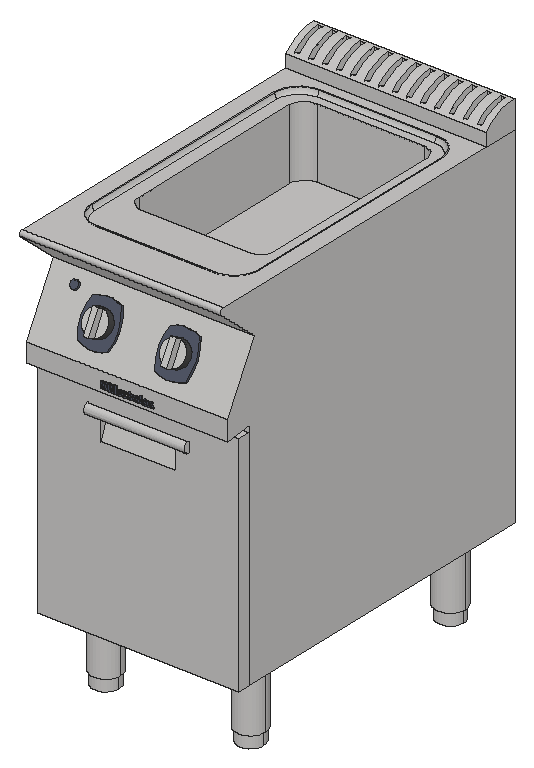
Revit family "QF_ELECTROLUXPROFESSIONAL_371352_E7OOBDBAMC", category Specialty Equipment, Revit 2018
Family settings
  Round Connector Dimension = Use Diameter
  Part Type = Normal
  Work Plane-Based = No
  Always vertical = Yes
  Cut with Voids When Loaded = No
  Shared = No
  Room Calculation Point = No
Parameters (values of type "Standard")
  Weight = 50.00 kg
  Watts = 0 W
  Volts = 380 V
  URL Manufacturer = "http://professional.electrolux.com"
  URL = "http://professional.electrolux.com"
  Steam Supply Size = 0"
  Steam Supply Minimum Pressure = 0.00 psi
  Steam Supply Maximum Pressure = 0.00 psi
  Steam Pounds per Hour = 0
  Show Logo [instance] = yes
  Show Clearance [instance] = yes
  Refrigeration Suction Line Size = 0 mm
  Refrigeration Liquid Line Size = 0 mm
  Refrigerant Compressor Remote = yes
  Phase = 3
  Model = "E7OOBDBAMC"
  Manufacturer = "Electrolux Professional"
  Length Actual = 400 mm  # constant formula
  Item Number = "371352"
  Hot Water Size = 0"
  Height Actual = 850 mm  # constant formula
  HP = "8 HP"
  Gas Size = 0"
  Gas KW = 0
  Gas Input Pressure = 0.0 Btu/h
  Direct Waste Size = 1"
  Description = "1-WELL EL. PASTA COOKER 24,5 LT 400MM (AUS)"
  Depth Actual = 730 mm  # constant formula
  Cycle = 50 Hz
  Condensate Return Size = 0"
  Compressed Air Volume = 0 GPM
  Compressed Air Size = 0"
  Compressed Air Pressure = 0.00 psi
  Cold Water Size = 1/2"
  Accessory = yes
Reference planes
  plane 1 "BACK": y = 0
  plane 2: z = 0
  plane 3 "LEFT": x = 0
  plane 4 "RIGHT": x = 400
  plane 5 "FRONT": y = -730
  plane 6 "TOP": z = 905.238
  plane 7 "Center Y": x = 200
  plane 8 "Center X": y = -365
  plane 9 "BASE": z = 601
  plane 10 "TOP A": z = 851
  plane 11: y = -587.387
  plane 12: y = -90
  plane 13: z = 150
Forms (mm)
  Extrusion 1, solid, material "QF_Finishes_Stainless Steel"
    sketch origin (0, 0, 0) x (0, 1, 0) y (0, 0, 1)
      loop
        line (0, 851) -> (-725.027, 851)
        arc (-725.027, 851) -> (-730.893, 847.08) -> (-729.517, 840.16) r 6.35
        line (-729.517, 840.16) -> (-646.919, 767.809) -> (-713.522, 646.19) -> (-713.522, 608.09) -> (-660.15, 613.7) -> (-660.15, 150) -> (0, 150) -> (0, 851)
      loop
        line (-687.137, 601) -> (-687.137, 150) -> (-661.737, 150) -> (-661.737, 601) -> (-687.137, 601)
    from 0 to 400
  Extrusion 2, void
    sketch origin (0, 0, 851) x (-1, 0, 0) y (0, -1, 0)
      loop
        arc (-83.338, 90.124) -> (-47.982, 104.769) -> (-33.338, 140.124) r 50
        line (-33.338, 140.124) -> (-33.338, 595.265)
        arc (-33.338, 595.265) -> (-47.982, 630.62) -> (-83.338, 645.265) r 50
        line (-83.338, 645.265) -> (-316.662, 645.265)
        arc (-316.662, 645.265) -> (-352.018, 630.62) -> (-366.662, 595.265) r 50
        line (-366.662, 595.265) -> (-366.662, 140.124)
        arc (-366.662, 140.124) -> (-352.018, 104.769) -> (-316.662, 90.124) r 50
        line (-316.662, 90.124) -> (-83.338, 90.124)
    from 0 to -152.4
  Extrusion 3, solid, material "QF_Finishes_Clearance", visible <- "Show Clearance", detail levels coarse
    sketch origin (0, 0, 0) x (1, 0, 0) y (0, 1, 0)
      loop
        line (0, -731.377) -> (0, 0) -> (400, 0) -> (400, -731.377) -> (550.019, -731.377) -> (550.019, 150.019) -> (-150.019, 150.019) -> (-150.019, -731.377) -> (0, -731.377)
    from 0 to 905.237
  Revolve 4, solid, material "QF_Finishes_Stainless Steel"
    sketch origin (0, -587.387, 608.09) x (0, 0, 1) y (-1, 0, 0)
      loop
        line (-608.09, -56) -> (-458.09, -56) -> (-458.09, -26) -> (-583.09, -26) -> (-583.09, -29.75) -> (-608.09, -29.75) -> (-608.09, -56)
      axis (-608.09, -56) -> (-458.09, -56)
    angle from 0 to 360
  Revolve 5, solid, material "QF_Finishes_Stainless Steel"
    sketch origin (400.05, -587.387, 608.09) x (0, 0, 1) y (-1, 0, 0)
      loop
        line (-608.09, 56.05) -> (-608.09, 29.8) -> (-583.09, 29.8) -> (-583.09, 26.05) -> (-458.09, 26.05) -> (-458.09, 56.05) -> (-608.09, 56.05)
      axis (-608.09, 56.05) -> (-458.09, 56.05)
    angle from 0 to 360
  Revolve 6, solid, material "QF_Finishes_Stainless Steel"
    sketch origin (0, -90, 608.09) x (0, 0, 1) y (-1, 0, 0)
      loop
        line (-608.09, -56) -> (-458.09, -56) -> (-458.09, -26) -> (-583.09, -26) -> (-583.09, -29.75) -> (-608.09, -29.75) -> (-608.09, -56)
      axis (-608.09, -56) -> (-458.09, -56)
    angle from 0 to 360
  Revolve 7, solid, material "QF_Finishes_Stainless Steel"
    sketch origin (400.05, -90, 608.09) x (0, 0, 1) y (-1, 0, 0)
      loop
        line (-608.09, 56.05) -> (-608.09, 29.8) -> (-583.09, 29.8) -> (-583.09, 26.05) -> (-458.09, 26.05) -> (-458.09, 56.05) -> (-608.09, 56.05)
      axis (-608.09, 56.05) -> (-458.09, 56.05)
    angle from 0 to 360
  Extrusion 8, void
    sketch origin (200, 0, 0) x (0, 1, 0) y (0, 0, 1)
      loop
        line (-687.137, 541) -> (-687.137, 499.788) -> (-672.137, 541) -> (-687.137, 541)
    from -75 to 75
  Extrusion 9, solid, material "QF_Finishes_Stainless Steel"
    sketch origin (200, 0, 0) x (0, 1, 0) y (0, 0, 1)
      loop
        line (-687.137, 541) -> (-687.137, 561)
        arc (-687.137, 561) -> (-697.137, 551) -> (-687.137, 541) r 10
    from -100 to 100
  Extrusion 10, solid, material "QF_Finishes_Door Clearance", visible <- "Show Clearance", detail levels coarse
    sketch origin (0, 0, 851) x (-1, 0, 0) y (0, -1, 0)
      loop
        arc (0, 687.137) -> (-117.157, 969.98) -> (-400, 1087.137) r 400
        line (-400, 1087.137) -> (-400, 687.137) -> (0, 687.137)
    from -700.237 to -249.237
  Extrusion 11, solid, material "QF_Finishes_Stainless Steel"
    sketch origin (-77.88, -4572, 150) x (-1, 0, 0) y (0, -1, 0)
      loop
        circle (-309.88, -4202) r 12.7
      loop
        circle (-309.855, -3991) r 12.7
    from 0 to -12.7
  Extrusion 12, solid, material "QF_Finishes_Stainless Steel"
    sketch origin (-77.88, -4572, 851) x (-1, 0, 0) y (0, -1, 0)
      loop
        line (-111.217, -4431.876) -> (-111.217, -3976.735)
        arc (-111.217, -3976.735) -> (-125.862, -3941.38) -> (-161.217, -3926.735) r 50
        line (-161.217, -3926.735) -> (-394.542, -3926.735)
        arc (-394.542, -3926.735) -> (-429.897, -3941.38) -> (-444.542, -3976.735) r 50
        line (-444.542, -3976.735) -> (-444.542, -4431.876)
        arc (-444.542, -4431.876) -> (-429.897, -4467.231) -> (-394.542, -4481.876) r 50
        line (-394.542, -4481.876) -> (-161.217, -4481.876)
        arc (-161.217, -4481.876) -> (-125.862, -4467.231) -> (-111.217, -4431.876) r 50
      loop
        arc (-414.542, -4431.876) -> (-405.755, -4453.089) -> (-384.542, -4461.876) r 30
        line (-384.542, -4461.876) -> (-171.217, -4461.876)
        arc (-171.217, -4461.876) -> (-150.004, -4453.089) -> (-141.217, -4431.876) r 30
        line (-141.217, -4431.876) -> (-141.217, -4056.735)
        arc (-141.217, -4056.735) -> (-150.004, -4035.522) -> (-171.217, -4026.735) r 30
        line (-171.217, -4026.735) -> (-384.542, -4026.735)
        arc (-384.542, -4026.735) -> (-405.755, -4035.522) -> (-414.542, -4056.735) r 30
        line (-414.542, -4056.735) -> (-414.542, -4431.876)
    from -12.7 to -152.4
  Sweep 13, solid, material "QF_Finishes_Stainless Steel"
    path origin (0, 0, 851) x (-1, 0, 0) y (0, -1, 0)
      loop
        line (-33.338, 140.124) -> (-33.338, 595.265)
        arc (-33.338, 595.265) -> (-47.982, 630.62) -> (-83.338, 645.265) r 50
        line (-83.338, 645.265) -> (-316.662, 645.265)
        arc (-316.662, 645.265) -> (-352.018, 630.62) -> (-366.662, 595.265) r 50
        line (-366.662, 595.265) -> (-366.662, 140.124)
        arc (-366.662, 140.124) -> (-352.018, 104.769) -> (-316.662, 90.124) r 50
        line (-316.662, 90.124) -> (-83.338, 90.124)
        arc (-83.338, 90.124) -> (-47.982, 104.769) -> (-33.338, 140.124) r 50
    profile origin (33.338, -367.694, 851) x (1, 0, 0) y (0, 0, 1)
      loop
        line (0, 0) -> (0, -10.84) -> (5.055, -10.84)
        arc (5.055, -10.84) -> (1.326, -5.98) -> (0, 0) r 14.151
  Extrusion 14, solid, material "QF_Finishes_Stainless Steel"
    sketch origin (0, 0, 0.762) x (0, 1, 0) y (0, 0, 1)
      loop
        line (0, 850.238) -> (0, 905.237)
        arc (0, 905.237) -> (-38.078, 897.879) -> (-69.85, 875.637) r 93.057
        line (-69.85, 875.637) -> (-69.85, 850.238) -> (0, 850.238)
    from 0 to 400.05
  Extrusion 15, void
    sketch origin (0, 0, 851) x (-1, 0, 0) y (0, -1, 0)
      loop
        line (-13.453, 6.761) -> (-13.453, 63.911) -> (-22.749, 63.911) -> (-22.749, 6.761) -> (-13.453, 6.761)
    from 25.4 to 63.5
  Extrusion 16, void
    sketch origin (400.05, 0, 851) x (1, 0, 0) y (0, 1, 0)
      loop
        line (-13.503, -6.761) -> (-22.799, -6.761) -> (-22.799, -63.911) -> (-13.503, -63.911) -> (-13.503, -6.761)
    from 25.4 to 63.5
  Extrusion 17, void
    sketch origin (27.988, 0, 851) x (-1, 0, 0) y (0, -1, 0)
      loop
        line (-13.453, 6.761) -> (-13.453, 63.911) -> (-22.749, 63.911) -> (-22.749, 6.761) -> (-13.453, 6.761)
    from 25.4 to 63.5
  Extrusion 18, void
    sketch origin (55.977, 0, 851) x (-1, 0, 0) y (0, -1, 0)
      loop
        line (-13.453, 6.761) -> (-13.453, 63.911) -> (-22.749, 63.911) -> (-22.749, 6.761) -> (-13.453, 6.761)
    from 25.4 to 63.5
  Extrusion 19, void
    sketch origin (83.965, 0, 851) x (-1, 0, 0) y (0, -1, 0)
      loop
        line (-13.428, 6.761) -> (-13.428, 63.911) -> (-22.724, 63.911) -> (-22.724, 6.761) -> (-13.428, 6.761)
    from 25.4 to 63.5
  Extrusion 20, void
    sketch origin (111.953, 0, 851) x (-1, 0, 0) y (0, -1, 0)
      loop
        line (-13.428, 6.761) -> (-13.428, 63.911) -> (-22.724, 63.911) -> (-22.724, 6.761) -> (-13.428, 6.761)
    from 25.4 to 63.5
  Extrusion 21, void
    sketch origin (139.942, 0, 851) x (-1, 0, 0) y (0, -1, 0)
      loop
        line (-13.428, 6.761) -> (-13.428, 63.911) -> (-22.724, 63.911) -> (-22.724, 6.761) -> (-13.428, 6.761)
    from 25.4 to 63.5
  Extrusion 22, void
    sketch origin (167.93, 0, 851) x (-1, 0, 0) y (0, -1, 0)
      loop
        line (-13.428, 6.761) -> (-13.428, 63.911) -> (-22.724, 63.911) -> (-22.724, 6.761) -> (-13.428, 6.761)
    from 25.4 to 63.5
  Extrusion 23, void
    sketch origin (195.918, 0, 851) x (-1, 0, 0) y (0, -1, 0)
      loop
        line (-13.428, 6.761) -> (-13.428, 63.911) -> (-22.724, 63.911) -> (-22.724, 6.761) -> (-13.428, 6.761)
    from 25.4 to 63.5
  Extrusion 24, void
    sketch origin (223.907, 0, 851) x (-1, 0, 0) y (0, -1, 0)
      loop
        line (-13.428, 6.761) -> (-13.428, 63.911) -> (-22.724, 63.911) -> (-22.724, 6.761) -> (-13.428, 6.761)
    from 25.4 to 63.5
  Extrusion 25, void
    sketch origin (251.895, 0, 851) x (-1, 0, 0) y (0, -1, 0)
      loop
        line (-13.428, 6.761) -> (-13.428, 63.911) -> (-22.724, 63.911) -> (-22.724, 6.761) -> (-13.428, 6.761)
    from 25.4 to 63.5
  Extrusion 26, void
    sketch origin (279.884, 0, 851) x (-1, 0, 0) y (0, -1, 0)
      loop
        line (-13.403, 6.761) -> (-13.403, 63.911) -> (-22.699, 63.911) -> (-22.699, 6.761) -> (-13.403, 6.761)
    from 25.4 to 63.5
  Extrusion 27, void
    sketch origin (307.872, 0, 851) x (-1, 0, 0) y (0, -1, 0)
      loop
        line (-13.403, 6.761) -> (-13.403, 63.911) -> (-22.699, 63.911) -> (-22.699, 6.761) -> (-13.403, 6.761)
    from 25.4 to 63.5
  Extrusion 28, void
    sketch origin (335.86, 0, 851) x (-1, 0, 0) y (0, -1, 0)
      loop
        line (-13.403, 6.761) -> (-13.403, 63.911) -> (-22.699, 63.911) -> (-22.699, 6.761) -> (-13.403, 6.761)
    from 25.4 to 63.5
  Extrusion 29, solid, material "QF_Finishes_Navy Blue"
    sketch origin (114.675, -713.772, 646.19) x (0, 0.484042, 0.875045) y (-1, 0, 0)
      loop
        arc (105.947, -132.642) -> (68.865, -123.661) -> (31.333, -130.523) r 91.844
        arc (31.333, -130.523) -> (24.206, -161.165) -> (31.333, -191.808) r 69.441
        arc (31.333, -191.808) -> (68.854, -198.519) -> (105.947, -189.74) r 93.759
        arc (105.947, -189.74) -> (112.176, -161.191) -> (105.947, -132.642) r 68.543
    from 0 to 3.175
  Extrusion 30, solid, material "QF_Finishes_Stainless Steel"
    sketch origin (114.675, -716.55, 647.727) x (0, 0.484042, 0.875045) y (-1, 0, 0)
      loop
        circle (68.826, -160.963) r 25.4
    from 0 to 12.7
  Extrusion 31, solid, material "QF_Finishes_Stainless Steel"
    sketch origin (114.675, -727.663, 653.875) x (0, 0.484042, 0.875045) y (-1, 0, 0)
      loop
        arc (93.558, -166.749) -> (94.226, -160.963) -> (93.558, -155.177) r 25.4
        line (93.558, -155.177) -> (44.094, -155.177)
        arc (44.094, -155.177) -> (43.426, -160.963) -> (44.094, -166.749) r 25.4
        line (44.094, -166.749) -> (93.558, -166.749)
    from 0 to 12.7
  Extrusion 32, solid, material "QF_Finishes_Navy Blue"
    sketch origin (-40.325, -713.772, 646.19) x (0, 0.484042, 0.875045) y (-1, 0, 0)
      loop
        arc (105.947, -132.642) -> (68.865, -123.661) -> (31.333, -130.523) r 91.844
        arc (31.333, -130.523) -> (24.206, -161.165) -> (31.333, -191.808) r 69.441
        arc (31.333, -191.808) -> (68.854, -198.519) -> (105.947, -189.74) r 93.759
        arc (105.947, -189.74) -> (112.176, -161.191) -> (105.947, -132.642) r 68.543
      loop
        circle (110.564, -93.816) r 8
    from 0 to 3.175
  Extrusion 33, solid, material "QF_Finishes_Stainless Steel"
    sketch origin (-40.325, -716.55, 647.727) x (0, 0.484042, 0.875045) y (-1, 0, 0)
      loop
        circle (68.826, -160.963) r 25.4
    from 0 to 12.7
  Extrusion 34, solid, material "QF_Finishes_Stainless Steel"
    sketch origin (-40.325, -727.663, 653.875) x (0, 0.484042, 0.875045) y (-1, 0, 0)
      loop
        arc (93.558, -166.749) -> (94.226, -160.963) -> (93.558, -155.177) r 25.4
        line (93.558, -155.177) -> (44.094, -155.177)
        arc (44.094, -155.177) -> (43.426, -160.963) -> (44.094, -166.749) r 25.4
        line (44.094, -166.749) -> (93.558, -166.749)
    from 0 to 12.7
  Extrusion 35, solid, material "QF_Finishes_Stainless Steel"
    sketch origin (-77.88, -4572, 150) x (-1, 0, 0) y (0, -1, 0)
      loop
        circle (-412.88, -4071) r 6.35
    from 50 to 48.4
  Extrusion 36, solid, material "QF_Finishes_Navy Blue", visible <- "Show Logo"
    sketch origin (-140, -713.772, 608.09) x (0, 0, 1) y (-1, 0, 0)
      loop
        line (20.674, -296.698) -> (8.307, -296.698)
        arc (8.307, -296.698) -> (14.491, -301.27) -> (20.674, -296.698) r 6.467
      loop
        arc (20.674, -296.069) -> (19.505, -290.926) -> (14.849, -288.448) r 6.338
        line (14.849, -288.448) -> (14.849, -290.494)
        arc (14.849, -290.494) -> (16.333, -294.149) -> (19.778, -296.069) r 5.941
        line (19.778, -296.069) -> (20.674, -296.069)
      loop
        arc (9.203, -296.069) -> (12.648, -294.149) -> (14.132, -290.494) r 5.941
        line (14.132, -290.494) -> (14.132, -288.448)
        arc (14.132, -288.448) -> (9.438, -290.922) -> (8.148, -296.069) r 6.504
        line (8.148, -296.069) -> (9.203, -296.069)
      loop
        line (21.349, -287.979) -> (7.604, -287.979) -> (7.604, -301.742) -> (21.349, -301.742) -> (21.349, -287.979)
      loop
        arc (21.432, -304.71) -> (21.085, -304.352) -> (20.718, -304.69) r 0.358
        arc (20.718, -304.69) -> (20.404, -305.44) -> (19.687, -305.825) r 1.216
        line (19.687, -305.825) -> (9.274, -305.825)
        arc (9.274, -305.825) -> (8.614, -305.548) -> (8.218, -304.951) r 1.238
        arc (8.218, -304.951) -> (7.823, -304.7) -> (7.518, -305.054) r 0.358
        line (7.518, -305.054) -> (7.518, -314.933) -> (10.269, -314.933) -> (10.269, -314.036)
        arc (10.269, -314.036) -> (9.36, -313.456) -> (8.904, -312.479) r 1.928
        line (8.904, -312.479) -> (8.904, -309.98)
        arc (8.904, -309.98) -> (9.18, -309.251) -> (9.868, -308.887) r 1.101
        line (9.868, -308.887) -> (13.955, -308.887) -> (13.955, -312.561)
        arc (13.955, -312.561) -> (13.602, -313.058) -> (13.037, -313.286) r 1.083
        arc (13.037, -313.286) -> (12.773, -313.591) -> (13.065, -313.869) r 0.292
        line (13.065, -313.869) -> (16.028, -313.869)
        arc (16.028, -313.869) -> (16.33, -313.596) -> (16.092, -313.266) r 0.305
        arc (16.092, -313.266) -> (15.601, -313.018) -> (15.296, -312.561) r 1.083
        line (15.296, -312.561) -> (15.296, -308.887) -> (19.973, -308.887) -> (19.973, -312.635)
        arc (19.973, -312.635) -> (19.759, -313.39) -> (19.153, -313.888) r 1.314
        arc (19.153, -313.888) -> (18.934, -314.292) -> (19.288, -314.585) r 0.361
        line (19.288, -314.585) -> (21.432, -314.585) -> (21.432, -304.71)
      loop
        arc (20.715, -315.365) -> (20.335, -316.284) -> (19.416, -316.664) r 1.299
        line (19.416, -316.664) -> (9.837, -316.664)
        arc (9.837, -316.664) -> (8.999, -316.286) -> (8.728, -315.408) r 1.118
        line (8.728, -315.408) -> (7.518, -315.408) -> (7.518, -320.758) -> (8.706, -320.758)
        arc (8.706, -320.758) -> (8.978, -319.841) -> (9.848, -319.445) r 1.153
        line (9.848, -319.445) -> (21.92, -319.445) -> (20.715, -315.365)
      loop
        line (12.483, -323.394) -> (12.483, -329.842) -> (13.282, -329.842)
        arc (13.282, -329.842) -> (15.862, -328.857) -> (17.131, -326.404) r 3.874
        line (17.131, -326.404) -> (17.131, -324.643)
        arc (17.131, -324.643) -> (15.944, -321.778) -> (13.08, -320.592) r 4.051
        line (13.08, -320.592) -> (11.072, -320.592)
        arc (11.072, -320.592) -> (8.253, -322.077) -> (7.202, -325.084) r 4.352
        arc (7.202, -325.084) -> (7.566, -327.547) -> (8.943, -329.621) r 5.713
        line (8.943, -329.621) -> (9.892, -329.621)
        arc (9.892, -329.621) -> (9.16, -328.052) -> (8.943, -326.334) r 5.579
        arc (8.943, -326.334) -> (9.737, -324.371) -> (11.616, -323.394) r 3.057
        line (11.616, -323.394) -> (12.483, -323.394)
      loop
        line (13.742, -323.394) -> (13.742, -326.977)
        arc (13.742, -326.977) -> (15.199, -327.024) -> (16.082, -325.864) r 1.59
        line (16.082, -325.864) -> (16.082, -325.034)
        arc (16.082, -325.034) -> (15.217, -323.779) -> (13.742, -323.394) r 2.184
      loop
        arc (16.533, -339.259) -> (17.022, -337.585) -> (17.179, -335.848) r 9.023
        line (17.179, -335.848) -> (17.179, -334.486)
        arc (17.179, -334.486) -> (16.02, -331.686) -> (13.22, -330.527) r 3.959
        line (13.22, -330.527) -> (10.62, -330.527)
        arc (10.62, -330.527) -> (8.338, -331.819) -> (7.221, -334.192) r 4.331
        line (7.221, -334.192) -> (7.221, -336.327)
        arc (7.221, -336.327) -> (7.729, -337.877) -> (8.651, -339.223) r 5.772
        arc (8.651, -339.223) -> (9.412, -339.274) -> (9.499, -338.515) r 0.553
        arc (9.499, -338.515) -> (9.111, -337.781) -> (8.977, -336.962) r 2.573
        line (8.977, -336.962) -> (8.977, -335.447)
        arc (8.977, -335.447) -> (9.983, -333.806) -> (11.798, -333.163) r 2.884
        line (11.798, -333.163) -> (13.077, -333.163)
        arc (13.077, -333.163) -> (14.898, -333.723) -> (15.824, -335.388) r 2.554
        line (15.824, -335.388) -> (15.824, -336.441)
        arc (15.824, -336.441) -> (15.493, -337.369) -> (14.836, -338.104) r 2.564
        arc (14.836, -338.104) -> (14.614, -338.821) -> (15.223, -339.259) r 0.643
        line (15.223, -339.259) -> (16.533, -339.259)
      loop
        line (15.515, -339.53) -> (15.515, -341.031) -> (9.467, -341.031)
        arc (9.467, -341.031) -> (7.879, -341.688) -> (7.221, -343.276) r 2.246
        line (7.221, -343.276) -> (7.221, -344.86)
        arc (7.221, -344.86) -> (7.535, -345.725) -> (8.035, -346.496) r 4.06
        arc (8.035, -346.496) -> (8.768, -346.629) -> (9.019, -345.928) r 0.576
        arc (9.019, -345.928) -> (8.913, -345.403) -> (8.977, -344.87) r 1.69
        arc (8.977, -344.87) -> (9.519, -344.082) -> (10.425, -343.779) r 1.506
        line (10.425, -343.779) -> (15.563, -343.779) -> (15.563, -346.176) -> (16.119, -346.733) -> (16.941, -346.733) -> (16.941, -343.873) -> (20.172, -343.873) -> (15.515, -339.53)
      loop
        line (7.438, -347.63) -> (7.438, -353.017) -> (8.548, -353.017)
        arc (8.548, -353.017) -> (8.942, -352.066) -> (9.893, -351.672) r 1.345
        line (9.893, -351.672) -> (13.509, -351.672)
        arc (13.509, -351.672) -> (14.274, -352.264) -> (14.564, -353.186) r 1.615
        line (14.564, -353.186) -> (14.564, -354.742) -> (17.119, -355.427) -> (17.119, -354.044) -> (15.177, -351.485) -> (17.057, -351.485) -> (16.773, -348.779)
        arc (16.773, -348.779) -> (16.333, -348.249) -> (15.674, -348.45) r 0.621
        arc (15.674, -348.45) -> (15.274, -348.792) -> (14.78, -348.975) r 1.501
        line (14.78, -348.975) -> (9.893, -348.975)
        arc (9.893, -348.975) -> (8.942, -348.581) -> (8.548, -347.63) r 1.345
        line (8.548, -347.63) -> (7.438, -347.63)
      loop
        line (13.54, -354.964) -> (10.848, -354.964)
        arc (10.848, -354.964) -> (8.403, -356.272) -> (7.269, -358.803) r 4.288
        arc (7.269, -358.803) -> (7.205, -360.183) -> (7.269, -361.563) r 15.022
        arc (7.269, -361.563) -> (8.403, -364.094) -> (10.848, -365.401) r 4.288
        line (10.848, -365.401) -> (13.54, -365.401)
        arc (13.54, -365.401) -> (15.986, -364.094) -> (17.119, -361.563) r 4.288
        arc (17.119, -361.563) -> (17.183, -360.183) -> (17.119, -358.803) r 15.022
        arc (17.119, -358.803) -> (15.986, -356.272) -> (13.54, -354.964) r 4.288
      loop
        line (13.745, -358.078) -> (10.643, -358.078)
        arc (10.643, -358.078) -> (8.486, -360.235) -> (10.643, -362.392) r 2.157
        line (10.643, -362.392) -> (13.745, -362.392)
        arc (13.745, -362.392) -> (15.902, -360.235) -> (13.745, -358.078) r 2.157
      loop
        arc (20.726, -365.26) -> (20.355, -366.154) -> (19.461, -366.524) r 1.264
        line (19.461, -366.524) -> (9.597, -366.524)
        arc (9.597, -366.524) -> (8.727, -366.127) -> (8.455, -365.211) r 1.153
        line (8.455, -365.211) -> (7.518, -365.211) -> (7.518, -370.319) -> (8.446, -370.319)
        arc (8.446, -370.319) -> (8.805, -369.547) -> (9.597, -369.232) r 1.153
        line (9.597, -369.232) -> (21.92, -369.232) -> (20.726, -365.26)
      loop
        arc (15.846, -369.857) -> (15.647, -370.921) -> (14.678, -371.403) r 1.215
        line (14.678, -371.403) -> (9.658, -371.403)
        arc (9.658, -371.403) -> (8.043, -372.051) -> (7.322, -373.634) r 2.338
        line (7.322, -373.634) -> (7.322, -375.148)
        arc (7.322, -375.148) -> (7.497, -376.152) -> (7.999, -377.038) r 2.979
        line (7.999, -377.038) -> (7.518, -378.835) -> (7.518, -380.524) -> (16.943, -380.524) -> (16.649, -376.32) -> (15.863, -376.32)
        arc (15.863, -376.32) -> (15.507, -377.156) -> (14.755, -377.665) r 1.605
        line (14.755, -377.665) -> (9.652, -377.665)
        arc (9.652, -377.665) -> (9.232, -376.728) -> (9.159, -375.704) r 2.94
        arc (9.159, -375.704) -> (9.72, -374.603) -> (10.873, -374.16) r 1.724
        line (10.873, -374.16) -> (17.07, -374.16) -> (15.846, -369.857)
      loop
        line (16.874, -381.377) -> (15.202, -383.423) -> (12.028, -385.729) -> (8.572, -382.617)
        arc (8.572, -382.617) -> (8.335, -382.223) -> (8.357, -381.764) r 0.789
        line (8.357, -381.764) -> (7.518, -381.764) -> (7.518, -385.309) -> (8.344, -385.309)
        arc (8.344, -385.309) -> (8.686, -384.947) -> (9.176, -385.039) r 0.52
        line (9.176, -385.039) -> (10.976, -386.51) -> (8.858, -387.886)
        arc (8.858, -387.886) -> (8.457, -387.576) -> (8.37, -387.076) r 0.7
        line (8.37, -387.076) -> (7.518, -387.076) -> (7.518, -393.003) -> (8.405, -393.003)
        arc (8.405, -393.003) -> (8.472, -392.344) -> (8.866, -391.813) r 1.247
        line (8.866, -391.813) -> (13.066, -388.532) -> (15.513, -390.585) -> (16.874, -392.327) -> (16.874, -388.604) -> (15.389, -389.026) -> (13.868, -387.749) -> (15.568, -386.559) -> (16.874, -387.336) -> (16.874, -381.377)
    from 0 to 1.644
Cuts and joins
  Extrusion 2, Extrusion 8 cuts Extrusion 1
  Extrusion 8, Extrusion 15, Extrusion 16, Extrusion 17, Extrusion 18, Extrusion 19, Extrusion 20, Extrusion 21, Extrusion 22, Extrusion 23, Extrusion 24, Extrusion 25, Extrusion 26, Extrusion 27, Extrusion 28 cuts Extrusion 3
  Extrusion 15, Extrusion 16, Extrusion 17, Extrusion 18, Extrusion 19, Extrusion 20, Extrusion 21, Extrusion 22, Extrusion 23, Extrusion 24, Extrusion 25, Extrusion 26, Extrusion 27, Extrusion 28 cuts Extrusion 14
Lines and regions (mm)
  symbolic lines, style "QF-Clearances", visible <- "Show Clearance", detail levels coarse
    curve 1: line (-150.019, 150.019, 851) -> (-150.019, -731.377, 851)
    curve 2: line (550.019, 150.019, 851) -> (-150.019, 150.019, 851)
    curve 3: line (550.019, -731.377, 851) -> (550.019, 150.019, 851)
  symbolic lines
    curve 4: line (0, 0, 851) -> (400, 0, 851)
    curve 5: line (0, -730, 851) -> (0, 0, 851)
    curve 6: line (400, 0, 851) -> (400, -730, 851)
    curve 7: line (0, -69.85, 851) -> (0, -63.012, 851)
    curve 8: line (400, -730, 851) -> (0, -730, 851)
    curve 11: line (93.313, -110.124, 851) -> (306.663, -110.124, 851)
    curve 12: arc (306.663, -110.124, 851) -> (327.876, -118.911, 851) -> (336.663, -140.124, 851) r 30
    curve 13: line (336.663, -140.124, 851) -> (336.663, -515.265, 851)
    curve 14: arc (336.663, -515.265, 851) -> (327.876, -536.478, 851) -> (306.663, -545.265, 851) r 30
    curve 15: arc (93.338, -545.265, 851) -> (72.124, -536.478, 851) -> (63.338, -515.265, 851) r 30
    curve 16: line (63.338, -515.265, 851) -> (63.338, -140.099, 851)
    curve 17: arc (63.338, -140.099, 851) -> (72.117, -118.904, 851) -> (93.313, -110.124, 851) r 29.975
    curve 18: arc (83.313, -95.179, 851) -> (51.549, -108.336, 851) -> (38.392, -140.099, 851) r 44.92
    curve 19: line (38.392, -140.099, 851) -> (38.392, -595.265, 851)
    curve 20: arc (38.392, -595.265, 851) -> (51.556, -627.046, 851) -> (83.338, -640.21, 851) r 44.945
    curve 21: arc (316.663, -640.21, 851) -> (348.444, -627.046, 851) -> (361.608, -595.265, 851) r 44.945
    curve 22: line (361.608, -595.265, 851) -> (361.608, -140.124, 851)
    curve 23: arc (361.608, -140.124, 851) -> (348.444, -108.343, 851) -> (316.663, -95.179, 851) r 44.945
    curve 24: arc (83.313, -90.124, 851) -> (47.975, -104.761, 851) -> (33.338, -140.099, 851) r 49.975
    curve 25: line (33.338, -140.099, 851) -> (33.338, -595.265, 851)
    curve 26: arc (33.338, -595.265, 851) -> (47.982, -630.62, 851) -> (83.338, -645.265, 851) r 50
    curve 27: arc (316.663, -645.265, 851) -> (352.018, -630.62, 851) -> (366.663, -595.265, 851) r 50
    curve 28: line (366.663, -595.265, 851) -> (366.663, -140.124, 851)
    curve 29: arc (366.663, -140.124, 851) -> (352.018, -104.769, 851) -> (316.663, -90.124, 851) r 50
    curve 30: line (316.663, -90.124, 851) -> (79.418, -90.124, 851)
    curve 31: line (83.338, -645.265, 851) -> (316.663, -645.265, 851)
    curve 32: line (83.338, -640.21, 851) -> (316.663, -640.21, 851)
    curve 33: line (306.663, -545.265, 851) -> (93.338, -545.265, 851)
    curve 34: line (316.663, -95.179, 851) -> (83.313, -95.179, 851)
    curve 35: line (0, -69.85, 851) -> (400, -69.85, 851)
    curve 36: line (22.724, -6.761, 851) -> (22.724, -63.911, 851)
    curve 37: line (22.724, -63.911, 851) -> (13.428, -63.911, 851)
    curve 38: line (13.428, -63.911, 851) -> (13.428, -6.761, 851)
    curve 39: line (13.428, -6.761, 851) -> (22.724, -6.761, 851)
    curve 40: line (386.547, -6.761, 851) -> (386.547, -63.911, 851)
    curve 41: line (386.547, -63.911, 851) -> (377.251, -63.911, 851)
    curve 42: line (377.251, -63.911, 851) -> (377.251, -6.761, 851)
    curve 43: line (377.251, -6.761, 851) -> (386.547, -6.761, 851)
    curve 44: line (50.712, -6.761, 851) -> (50.712, -63.911, 851)
    curve 45: line (50.712, -63.911, 851) -> (41.416, -63.911, 851)
    curve 46: line (41.416, -63.911, 851) -> (41.416, -6.761, 851)
    curve 47: line (41.416, -6.761, 851) -> (50.712, -6.761, 851)
    curve 48: line (78.7, -6.761, 851) -> (78.7, -63.911, 851)
    curve 49: line (78.7, -63.911, 851) -> (69.405, -63.911, 851)
    curve 50: line (69.405, -63.911, 851) -> (69.405, -6.761, 851)
    curve 51: line (69.405, -6.761, 851) -> (78.7, -6.761, 851)
    curve 52: line (106.689, -6.761, 851) -> (106.689, -63.911, 851)
    curve 53: line (106.689, -63.911, 851) -> (97.393, -63.911, 851)
    curve 54: line (97.393, -63.911, 851) -> (97.393, -6.761, 851)
    curve 55: line (97.393, -6.761, 851) -> (106.689, -6.761, 851)
    curve 56: line (134.677, -6.761, 851) -> (134.677, -63.911, 851)
    curve 57: line (134.677, -63.911, 851) -> (125.381, -63.911, 851)
    curve 58: line (125.381, -63.911, 851) -> (125.381, -6.761, 851)
    curve 59: line (125.381, -6.761, 851) -> (134.677, -6.761, 851)
    curve 60: line (162.665, -6.761, 851) -> (162.665, -63.911, 851)
    curve 61: line (162.665, -63.911, 851) -> (153.37, -63.911, 851)
    curve 62: line (153.37, -63.911, 851) -> (153.37, -6.761, 851)
    curve 63: line (153.37, -6.761, 851) -> (162.665, -6.761, 851)
    curve 64: line (190.654, -6.761, 851) -> (190.654, -63.911, 851)
    curve 65: line (190.654, -63.911, 851) -> (181.358, -63.911, 851)
    curve 66: line (181.358, -63.911, 851) -> (181.358, -6.761, 851)
    curve 67: line (181.358, -6.761, 851) -> (190.654, -6.761, 851)
    curve 68: line (218.642, -6.761, 851) -> (218.642, -63.911, 851)
    curve 69: line (218.642, -63.911, 851) -> (209.346, -63.911, 851)
    curve 70: line (209.346, -63.911, 851) -> (209.346, -6.761, 851)
    curve 71: line (209.346, -6.761, 851) -> (218.642, -6.761, 851)
    curve 72: line (246.605, -6.761, 851) -> (246.605, -63.911, 851)
    curve 73: line (246.605, -63.911, 851) -> (237.31, -63.911, 851)
    curve 74: line (237.31, -63.911, 851) -> (237.31, -6.761, 851)
    curve 75: line (237.31, -6.761, 851) -> (246.605, -6.761, 851)
    curve 76: line (274.594, -6.761, 851) -> (274.594, -63.911, 851)
    curve 77: line (274.594, -63.911, 851) -> (265.298, -63.911, 851)
    curve 78: line (265.298, -63.911, 851) -> (265.298, -6.761, 851)
    curve 79: line (265.298, -6.761, 851) -> (274.594, -6.761, 851)
    curve 80: line (302.582, -6.761, 851) -> (302.582, -63.911, 851)
    curve 81: line (302.582, -63.911, 851) -> (293.286, -63.911, 851)
    curve 82: line (293.286, -63.911, 851) -> (293.286, -6.761, 851)
    curve 83: line (293.286, -6.761, 851) -> (302.582, -6.761, 851)
    curve 84: line (330.57, -6.761, 851) -> (330.57, -63.911, 851)
    curve 85: line (330.57, -63.911, 851) -> (321.275, -63.911, 851)
    curve 86: line (321.275, -63.911, 851) -> (321.275, -6.761, 851)
    curve 87: line (321.275, -6.761, 851) -> (330.57, -6.761, 851)
    curve 88: line (358.559, -6.761, 851) -> (358.559, -63.911, 851)
    curve 89: line (358.559, -63.911, 851) -> (349.263, -63.911, 851)
    curve 90: line (349.263, -63.911, 851) -> (349.263, -6.761, 851)
    curve 91: line (349.263, -6.761, 851) -> (358.559, -6.761, 851)
  symbolic lines, style "QF-Door Swings"
    curve 9: arc (2.303, -730, 851) -> (19.743, -811.254, 851) -> (53.597, -887.15, 851) r 400
    curve 10: line (53.597, -887.15, 851) -> (325.76, -730, 851)
Dimensions and locks
  equal spacing: plane 3 "LEFT", plane 7 "Center Y", plane 4 "RIGHT"
  plane 3 "LEFT" to plane 4 "RIGHT" = 400 mm
  equal spacing: plane 5 "FRONT", plane 8 "Center X", plane 1 "BACK"
  plane 5 "FRONT" to plane 1 "BACK" = 730 mm
  plane 1 "BACK" to plane 5 "FRONT" = 730 mm
  locked: plane 10 "TOP A" to plane 9 "BASE" at 250
  plane 13 to level = 150 mm
  plane 10 "TOP A" to plane 13 = 701 mm
  Extrusion 11 sketch curve to plane 1 "BACK" = 370 mm
  plane 3 "LEFT" to Extrusion 11 sketch curve = 232 mm
  Extrusion 11 sketch curve to plane 1 "BACK" = 581 mm
  aligned and locked: level to plane 2
  aligned and locked: plane 4 "RIGHT" to Extrusion 1
  aligned and locked: plane 6 "TOP" to Extrusion 3
Automatic sketch dimensions
  Extrusion 1 sketch curve to plane 10 "TOP A" = 0 mm
  Extrusion 1 sketch curve to plane 13 = 0 mm  (x2)
  Extrusion 1 sketch curve to plane 9 "BASE" = 0 mm
  Extrusion 1 sketch curve to plane 1 "BACK" = 0 mm
  plane 11 to Extrusion 1 sketch curve = 59.531 mm
  plane 9 "BASE" to Extrusion 1 sketch curve = 12.7 mm
  Extrusion 1 sketch curve to plane 5 "FRONT" = 69.85 mm
  Extrusion 1 sketch curve to Extrusion 1 sketch curve = 1.588 mm
  Extrusion 1 sketch curve to Extrusion 1 sketch curve = 25.4 mm
  Extrusion 1 sketch curve to plane 5 "FRONT" = 16.478 mm
  Extrusion 1 sketch curve to plane 5 "FRONT" = 4.973 mm
  Extrusion 1 sketch curve to plane 5 "FRONT" = 0.483 mm
  plane 9 "BASE" to Extrusion 1 sketch curve = 7.09 mm
  Extrusion 1 sketch curve to Extrusion 1 sketch curve = 38.1 mm
  Extrusion 1 sketch curve to plane 10 "TOP A" = 83.191 mm
  Extrusion 1 sketch curve to plane 10 "TOP A" = 10.84 mm
  plane 11 to Extrusion 2 sketch curve = 7.877 mm
  Extrusion 2 sketch curve to plane 4 "RIGHT" = 33.337 mm
  plane 11 to Extrusion 2 sketch curve = 57.877 mm
  plane 12 to Extrusion 2 sketch curve = 0.124 mm
  Extrusion 2 sketch curve to Extrusion 2 sketch curve = 50 mm
  plane 3 "LEFT" to Extrusion 2 sketch curve = 83.338 mm  (x2)
  plane 3 "LEFT" to Extrusion 2 sketch curve = 33.338 mm
  plane 1 "BACK" to Extrusion 3 sketch curve = 0 mm
  Extrusion 3 sketch curve to plane 3 "LEFT" = 0 mm
  Extrusion 3 sketch curve to plane 4 "RIGHT" = 0 mm
  Extrusion 3 sketch curve to plane 3 "LEFT" = 150.019 mm
  plane 5 "FRONT" to Extrusion 3 sketch curve = 1.377 mm  (x2)
  plane 4 "RIGHT" to Extrusion 3 sketch curve = 150.019 mm
  Extrusion 3 sketch curve to plane 1 "BACK" = 150.019 mm
  curve 18 to curve 24 = 0 mm  (x2)
  curve 20 to curve 26 = 0 mm  (x2)
  curve 21 to curve 27 = 0 mm  (x2)
  curve 23 to curve 29 = 0 mm  (x2)
  curve 6 to plane 4 "RIGHT" = 0 mm
  curve 9 to plane 4 "RIGHT" = 0 mm
  plane 5 "FRONT" to curve 10 = 0 mm
  curve 35 to plane 3 "LEFT" = 0 mm
  curve 7 to plane 3 "LEFT" = 0 mm
  plane 1 "BACK" to curve 5 = 0 mm
  plane 4 "RIGHT" to curve 3 = 150.019 mm
  curve 40 to plane 4 "RIGHT" = 13.453 mm
  curve 40 to curve 43 = 9.296 mm
  plane 11 to curve 27 = 7.877 mm
  curve 27 to plane 4 "RIGHT" = 33.337 mm
  curve 29 to curve 23 = 5.055 mm
  curve 41 to curve 88 = 18.693 mm
  curve 88 to curve 90 = 9.296 mm
  curve 22 to curve 12 = 24.945 mm
  curve 89 to curve 85 = 18.693 mm
  curve 10 to plane 4 "RIGHT" = 74.24 mm
  curve 84 to curve 87 = 9.296 mm
  plane 11 to curve 27 = 57.877 mm
  curve 12 to curve 29 = 20 mm
  curve 23 to curve 12 = 10 mm
  curve 14 to curve 14 = 30 mm
  curve 85 to curve 81 = 18.693 mm
  curve 80 to curve 82 = 9.296 mm
  curve 81 to curve 77 = 18.693 mm
  curve 76 to curve 77 = 9.296 mm
  plane 1 "BACK" to curve 72 = 6.761 mm
  curve 78 to curve 72 = 18.693 mm
  curve 72 to curve 74 = 9.296 mm
  plane 1 "BACK" to curve 71 = 6.761 mm
  plane 7 "Center Y" to curve 71 = 18.642 mm
  curve 68 to curve 70 = 9.296 mm
  curve 65 to plane 7 "Center Y" = 9.346 mm
  curve 64 to curve 67 = 9.296 mm
  curve 65 to curve 60 = 18.693 mm
  curve 60 to curve 62 = 9.296 mm
  plane 1 "BACK" to curve 59 = 6.761 mm
  curve 62 to curve 59 = 18.693 mm
  curve 56 to curve 59 = 9.296 mm
  plane 1 "BACK" to curve 52 = 6.761 mm
  curve 58 to curve 52 = 18.693 mm
  curve 52 to curve 54 = 9.296 mm
  curve 33 to plane 11 = 42.123 mm
  plane 3 "LEFT" to curve 33 = 93.338 mm
  plane 12 to curve 11 = 20.124 mm
  curve 53 to curve 11 = 4.08 mm
  curve 17 to curve 24 = 10 mm
  plane 3 "LEFT" to curve 32 = 83.338 mm
  plane 12 to curve 30 = 0.124 mm
  curve 24 to curve 30 = 3.895 mm
  plane 1 "BACK" to curve 51 = 6.761 mm
  curve 54 to curve 51 = 18.693 mm
  curve 48 to curve 49 = 9.296 mm
  curve 15 to curve 15 = 30 mm
  plane 3 "LEFT" to curve 9 = 53.597 mm
  plane 1 "BACK" to curve 44 = 6.761 mm
  curve 50 to curve 44 = 18.693 mm
  curve 44 to curve 46 = 9.296 mm
  curve 17 to curve 19 = 24.945 mm
  plane 1 "BACK" to curve 36 = 6.761 mm
  curve 46 to curve 36 = 18.693 mm
  curve 36 to curve 38 = 9.296 mm
  curve 9 to curve 5 = 2.303 mm
  plane 5 "FRONT" to curve 1 = 1.377 mm
  curve 1 to plane 3 "LEFT" = 150.019 mm
  curve 2 to plane 1 "BACK" = 150.019 mm
  plane 1 "BACK" to curve 88 = 6.761 mm
  plane 1 "BACK" to curve 87 = 6.761 mm
  plane 1 "BACK" to curve 83 = 6.761 mm
  plane 1 "BACK" to curve 79 = 6.761 mm
  plane 1 "BACK" to curve 67 = 6.761 mm
  plane 1 "BACK" to curve 63 = 6.761 mm
  plane 1 "BACK" to curve 43 = 6.761 mm
  curve 7 to plane 12 = 26.988 mm
  curve 89 to plane 12 = 26.089 mm
  curve 61 to plane 12 = 26.089 mm
  curve 58 to plane 12 = 26.089 mm
  curve 86 to plane 12 = 26.089 mm
  curve 82 to plane 12 = 26.089 mm
  curve 64 to plane 12 = 26.089 mm
  curve 7 to curve 36 = 0.898 mm
  curve 78 to plane 12 = 26.089 mm
  curve 40 to plane 12 = 26.089 mm
  curve 74 to plane 12 = 26.089 mm
  curve 44 to plane 12 = 26.089 mm
  curve 64 to curve 70 = 0 mm
  curve 48 to plane 12 = 26.089 mm
  curve 52 to curve 57 = 0 mm
  curve 40 to curve 35 = 5.939 mm
  curve 7 to curve 35 = 0 mm
  curve 9 to plane 5 "FRONT" = 42.863 mm
  plane 5 "FRONT" to curve 3 = 1.377 mm
  Revolve 4 sketch curve to level = 0 mm
  Revolve 4 sketch curve to plane 13 = 0 mm  (x2)
  level to Revolve 4 sketch curve = 25 mm
  Revolve 4 sketch curve to Revolve 4 sketch curve = 20 mm
  plane 3 "LEFT" to Revolve 4 sketch curve = 56 mm
  Revolve 4 sketch curve to Revolve 4 sketch curve = 0 mm
  plane 3 "LEFT" to Revolve 4 sketch curve = 29.75 mm
  plane 3 "LEFT" to Revolve 4 sketch curve = 26 mm
  Revolve 5 sketch curve to level = 0 mm
  Revolve 5 sketch curve to plane 13 = 0 mm  (x2)
  level to Revolve 5 sketch curve = 25 mm
  Revolve 5 sketch curve to Revolve 5 sketch curve = 20 mm
  Revolve 5 sketch curve to plane 4 "RIGHT" = 26 mm
  Revolve 5 sketch curve to Revolve 5 sketch curve = 3.75 mm
  Revolve 5 sketch curve to Revolve 5 sketch curve = 30 mm
  Revolve 5 sketch curve to Revolve 5 sketch curve = 0 mm
  Revolve 6 sketch curve to level = 0 mm
  Revolve 6 sketch curve to plane 13 = 0 mm  (x2)
  level to Revolve 6 sketch curve = 25 mm
  Revolve 6 sketch curve to Revolve 6 sketch curve = 20 mm
  plane 3 "LEFT" to Revolve 6 sketch curve = 56 mm
  Revolve 6 sketch curve to Revolve 6 sketch curve = 0 mm
  plane 3 "LEFT" to Revolve 6 sketch curve = 29.75 mm
  plane 3 "LEFT" to Revolve 6 sketch curve = 26 mm
  Revolve 7 sketch curve to level = 0 mm
  Revolve 7 sketch curve to plane 13 = 0 mm  (x2)
  level to Revolve 7 sketch curve = 25 mm
  Revolve 7 sketch curve to Revolve 7 sketch curve = 20 mm
  Revolve 7 sketch curve to plane 4 "RIGHT" = 26 mm
  Revolve 7 sketch curve to Revolve 7 sketch curve = 3.75 mm
  Revolve 7 sketch curve to Revolve 7 sketch curve = 30 mm
  Revolve 7 sketch curve to Revolve 7 sketch curve = 0 mm
  Extrusion 8 sketch curve to plane 5 "FRONT" = 42.863 mm
  Extrusion 8 sketch curve to Extrusion 8 sketch curve = 15 mm
  Extrusion 8 sketch curve to plane 9 "BASE" = 101.212 mm
  Extrusion 8 sketch curve to Extrusion 8 sketch curve = 41.212 mm
  Extrusion 9 sketch curve to plane 5 "FRONT" = 42.863 mm
  Extrusion 9 sketch curve to plane 9 "BASE" = 60 mm
  Extrusion 9 sketch curve to Extrusion 9 sketch curve = 10 mm
  Extrusion 10 sketch curve to plane 4 "RIGHT" = 0 mm
  Extrusion 10 sketch curve to plane 3 "LEFT" = 0 mm
  Extrusion 10 sketch curve to plane 5 "FRONT" = 42.863 mm
  Extrusion 12 sketch curve to plane 4 "RIGHT" = 33.337 mm
  Extrusion 12 sketch curve to plane 4 "RIGHT" = 63.337 mm
  Extrusion 12 sketch curve to Extrusion 12 sketch curve = 20 mm
  plane 11 to Extrusion 12 sketch curve = 7.877 mm
  Extrusion 12 sketch curve to Extrusion 12 sketch curve = 50 mm
  Extrusion 12 sketch curve to Extrusion 12 sketch curve = 30 mm  (x3)
  Extrusion 12 sketch curve to Extrusion 12 sketch curve = 10 mm  (x2)
  Extrusion 12 sketch curve to plane 11 = 42.123 mm
  plane 3 "LEFT" to Extrusion 12 sketch curve = 93.338 mm  (x2)
  plane 12 to Extrusion 12 sketch curve = 50.124 mm
  plane 3 "LEFT" to Extrusion 12 sketch curve = 83.338 mm
  plane 12 to Extrusion 12 sketch curve = 0.124 mm
  plane 11 to Sweep 13 sketch curve = 7.877 mm  (x2)
  Sweep 13 sketch curve to plane 4 "RIGHT" = 33.337 mm
  plane 11 to Sweep 13 sketch curve = 57.877 mm
  plane 12 to Sweep 13 sketch curve = 0.124 mm
  Sweep 13 sketch curve to Sweep 13 sketch curve = 50 mm  (x2)
  plane 3 "LEFT" to Sweep 13 sketch curve = 83.338 mm
  profile plane to Sweep 13 sketch curve = 0 mm
  Sweep 13 sketch curve to plane 10 "TOP A" = 0 mm
  Sweep 13 sketch curve to profile plane = 5.055 mm
  Sweep 13 sketch curve to profile plane = 14.151 mm
  Extrusion 14 sketch curve to plane 10 "TOP A" = 0 mm
  Extrusion 14 sketch curve to plane 1 "BACK" = 0 mm
  plane 1 "BACK" to Extrusion 14 sketch curve = 1.769 mm
  Extrusion 14 sketch curve to plane 12 = 20.15 mm
  Extrusion 14 sketch curve to plane 10 "TOP A" = 38.04 mm
  plane 10 "TOP A" to Extrusion 14 sketch curve = 25.4 mm
  plane 1 "BACK" to Extrusion 15 sketch curve = 6.761 mm
  plane 3 "LEFT" to Extrusion 15 sketch curve = 22.749 mm
  Extrusion 15 sketch curve to Extrusion 15 sketch curve = 9.296 mm
  Extrusion 15 sketch curve to plane 12 = 26.089 mm
  Extrusion 16 sketch curve to plane 1 "BACK" = 6.761 mm
  plane 4 "RIGHT" to Extrusion 16 sketch curve = 22.749 mm
  Extrusion 16 sketch curve to Extrusion 16 sketch curve = 9.296 mm
  plane 12 to Extrusion 16 sketch curve = 26.089 mm
  plane 1 "BACK" to Extrusion 17 sketch curve = 6.761 mm
  plane 3 "LEFT" to Extrusion 17 sketch curve = 50.737 mm
  Extrusion 17 sketch curve to Extrusion 17 sketch curve = 9.296 mm
  Extrusion 17 sketch curve to plane 12 = 26.089 mm
  plane 1 "BACK" to Extrusion 18 sketch curve = 6.761 mm
  plane 3 "LEFT" to Extrusion 18 sketch curve = 78.725 mm
  Extrusion 18 sketch curve to Extrusion 18 sketch curve = 9.296 mm
  Extrusion 18 sketch curve to plane 12 = 26.089 mm
  plane 1 "BACK" to Extrusion 19 sketch curve = 6.761 mm
  Extrusion 19 sketch curve to plane 7 "Center Y" = 93.311 mm
  Extrusion 19 sketch curve to Extrusion 19 sketch curve = 9.296 mm
  Extrusion 19 sketch curve to plane 12 = 26.089 mm
  plane 1 "BACK" to Extrusion 20 sketch curve = 6.761 mm
  Extrusion 20 sketch curve to plane 7 "Center Y" = 65.323 mm
  Extrusion 20 sketch curve to Extrusion 20 sketch curve = 9.296 mm
  Extrusion 20 sketch curve to plane 12 = 26.089 mm
  plane 1 "BACK" to Extrusion 21 sketch curve = 6.761 mm
  Extrusion 21 sketch curve to plane 7 "Center Y" = 37.335 mm
  Extrusion 21 sketch curve to Extrusion 21 sketch curve = 9.296 mm
  Extrusion 21 sketch curve to plane 12 = 26.089 mm
  Extrusion 22 sketch curve to plane 7 "Center Y" = 9.346 mm
  Extrusion 22 sketch curve to Extrusion 22 sketch curve = 9.296 mm
  plane 1 "BACK" to Extrusion 22 sketch curve = 6.761 mm
  Extrusion 22 sketch curve to plane 12 = 26.089 mm
  plane 1 "BACK" to Extrusion 23 sketch curve = 6.761 mm
  plane 7 "Center Y" to Extrusion 23 sketch curve = 18.642 mm
  Extrusion 23 sketch curve to Extrusion 23 sketch curve = 9.296 mm
  Extrusion 23 sketch curve to plane 12 = 26.089 mm
  plane 1 "BACK" to Extrusion 24 sketch curve = 6.761 mm
  plane 7 "Center Y" to Extrusion 24 sketch curve = 46.63 mm
  Extrusion 24 sketch curve to Extrusion 24 sketch curve = 9.296 mm
  Extrusion 24 sketch curve to plane 12 = 26.089 mm
  plane 1 "BACK" to Extrusion 25 sketch curve = 6.761 mm
  plane 7 "Center Y" to Extrusion 25 sketch curve = 74.619 mm
  Extrusion 25 sketch curve to Extrusion 25 sketch curve = 9.296 mm
  Extrusion 25 sketch curve to plane 12 = 26.089 mm
  plane 1 "BACK" to Extrusion 26 sketch curve = 6.761 mm
  Extrusion 26 sketch curve to plane 4 "RIGHT" = 97.418 mm
  Extrusion 26 sketch curve to Extrusion 26 sketch curve = 9.296 mm
  Extrusion 26 sketch curve to plane 12 = 26.089 mm
  plane 1 "BACK" to Extrusion 27 sketch curve = 6.761 mm
  Extrusion 27 sketch curve to plane 4 "RIGHT" = 69.43 mm
  Extrusion 27 sketch curve to Extrusion 27 sketch curve = 9.296 mm
  Extrusion 27 sketch curve to plane 12 = 26.089 mm
  plane 1 "BACK" to Extrusion 28 sketch curve = 6.761 mm
  Extrusion 28 sketch curve to plane 4 "RIGHT" = 41.441 mm
  Extrusion 28 sketch curve to Extrusion 28 sketch curve = 9.296 mm
  Extrusion 28 sketch curve to plane 12 = 26.089 mm
  plane 7 "Center Y" to Extrusion 29 sketch curve = 45.198 mm
  Extrusion 29 sketch curve to Extrusion 29 sketch curve = 0 mm
  Extrusion 29 sketch curve to Extrusion 29 sketch curve = 12.3 mm  (x3)
  Extrusion 29 sketch curve to Extrusion 29 sketch curve = 34.925 mm  (x2)
  plane 7 "Center Y" to Extrusion 29 sketch curve = 19.471 mm
  Extrusion 29 sketch curve to Extrusion 29 sketch curve = 50.015 mm
  Extrusion 29 sketch curve to Extrusion 29 sketch curve = 27.846 mm
  Extrusion 29 sketch curve to Extrusion 29 sketch curve = 28.523 mm
  Extrusion 31 sketch curve to Extrusion 31 sketch curve = 24.732 mm
  Extrusion 31 sketch curve to Extrusion 31 sketch curve = 0 mm
  Extrusion 34 sketch curve to Extrusion 34 sketch curve = 24.732 mm
  Extrusion 34 sketch curve to Extrusion 34 sketch curve = 0 mm
  Extrusion 32 sketch curve to plane 7 "Center Y" = 48.517 mm
  Extrusion 32 sketch curve to Extrusion 32 sketch curve = 0 mm
  Extrusion 32 sketch curve to Extrusion 32 sketch curve = 12.3 mm  (x3)
  Extrusion 32 sketch curve to Extrusion 32 sketch curve = 34.925 mm  (x2)
  Extrusion 32 sketch curve to plane 7 "Center Y" = 24.858 mm
  Extrusion 32 sketch curve to Extrusion 32 sketch curve = 50.015 mm
  Extrusion 32 sketch curve to Extrusion 32 sketch curve = 4.617 mm
  Extrusion 32 sketch curve to Extrusion 32 sketch curve = 25.727 mm
  Extrusion 32 sketch curve to Extrusion 32 sketch curve = 30.616 mm
  Extrusion 32 sketch curve to Extrusion 32 sketch curve = 38.826 mm
  plane 7 "Center Y" to Extrusion 11 sketch curve = 31.975 mm
  Extrusion 35 sketch curve to Extrusion 35 sketch curve = 0 mm  (x2)
  Extrusion 35 sketch curve to plane 4 "RIGHT" = 58.65 mm
  Extrusion 35 sketch curve to Extrusion 35 sketch curve = 6.35 mm
  Extrusion 35 sketch curve to plane 11 = 86.388 mm
  plane 9 "BASE" to Extrusion 36 sketch curve = 9.251 mm
  plane 9 "BASE" to Extrusion 36 sketch curve = 14.292 mm
  plane 7 "Center Y" to Extrusion 36 sketch curve = 4.86 mm
  plane 9 "BASE" to Extrusion 36 sketch curve = 14.311 mm
  Extrusion 36 sketch curve to Extrusion 36 sketch curve = 0 mm  (x28)
  Extrusion 36 sketch curve to Extrusion 36 sketch curve = 5.108 mm  (x2)
  Extrusion 36 sketch curve to Extrusion 36 sketch curve = 0.054 mm
  Extrusion 36 sketch curve to Extrusion 36 sketch curve = 0.218 mm
  Extrusion 36 sketch curve to Extrusion 36 sketch curve = 0.195 mm
  Extrusion 36 sketch curve to Extrusion 36 sketch curve = 0.249 mm
  plane 9 "BASE" to Extrusion 36 sketch curve = 14.608 mm
  Extrusion 36 sketch curve to Extrusion 36 sketch curve = 0.087 mm
  Extrusion 36 sketch curve to Extrusion 36 sketch curve = 0.358 mm
  Extrusion 36 sketch curve to Extrusion 36 sketch curve = 0.481 mm
  Extrusion 36 sketch curve to Extrusion 36 sketch curve = 0.597 mm
  Extrusion 36 sketch curve to Extrusion 36 sketch curve = 0.544 mm
  Extrusion 36 sketch curve to Extrusion 36 sketch curve = 0.936 mm
  Extrusion 36 sketch curve to Extrusion 36 sketch curve = 0.594 mm
  Extrusion 36 sketch curve to Extrusion 36 sketch curve = 0.343 mm
  Extrusion 36 sketch curve to Extrusion 36 sketch curve = 0.159 mm
  Extrusion 36 sketch curve to Extrusion 36 sketch curve = 0.826 mm
  Extrusion 36 sketch curve to Extrusion 36 sketch curve = 0.839 mm
  Extrusion 36 sketch curve to Extrusion 36 sketch curve = 0.852 mm
  Extrusion 36 sketch curve to Extrusion 36 sketch curve = 0.887 mm
  Extrusion 36 sketch curve to Extrusion 36 sketch curve = 0.928 mm
  Extrusion 36 sketch curve to Extrusion 36 sketch curve = 0.938 mm
  Extrusion 36 sketch curve to Extrusion 36 sketch curve = 0.444 mm
  Extrusion 36 sketch curve to Extrusion 36 sketch curve = 1.11 mm  (x3)
  Extrusion 36 sketch curve to Extrusion 36 sketch curve = 0.215 mm
  Extrusion 36 sketch curve to plane 7 "Center Y" = 0.777 mm
  Extrusion 36 sketch curve to Extrusion 36 sketch curve = 1.43 mm
  Extrusion 36 sketch curve to Extrusion 36 sketch curve = 1.188 mm
  Extrusion 36 sketch curve to Extrusion 36 sketch curve = 1.21 mm  (x2)
  Extrusion 36 sketch curve to Extrusion 36 sketch curve = 0.503 mm
  Extrusion 36 sketch curve to Extrusion 36 sketch curve = 0.488 mm
  Extrusion 36 sketch curve to Extrusion 36 sketch curve = 0.462 mm
  Extrusion 36 sketch curve to Extrusion 36 sketch curve = 1.386 mm
  Extrusion 36 sketch curve to Extrusion 36 sketch curve = 1.742 mm  (x2)
  Extrusion 36 sketch curve to Extrusion 36 sketch curve = 0.821 mm
  Extrusion 36 sketch curve to Extrusion 36 sketch curve = 0.497 mm
  Extrusion 36 sketch curve to Extrusion 36 sketch curve = 0.539 mm
  Extrusion 36 sketch curve to Extrusion 36 sketch curve = 0.686 mm
  Extrusion 36 sketch curve to Extrusion 36 sketch curve = 0.408 mm
  Extrusion 36 sketch curve to Extrusion 36 sketch curve = 0.743 mm
  Extrusion 36 sketch curve to Extrusion 36 sketch curve = 1.16 mm
  Extrusion 36 sketch curve to Extrusion 36 sketch curve = 0.329 mm
  Extrusion 36 sketch curve to Extrusion 36 sketch curve = 1.054 mm
  Extrusion 36 sketch curve to Extrusion 36 sketch curve = 1.056 mm
  Extrusion 36 sketch curve to Extrusion 36 sketch curve = 0.129 mm
  Extrusion 36 sketch curve to Extrusion 36 sketch curve = 0.489 mm
  Extrusion 36 sketch curve to Extrusion 36 sketch curve = 0.441 mm
  Extrusion 36 sketch curve to Extrusion 36 sketch curve = 1.151 mm
  Extrusion 36 sketch curve to Extrusion 36 sketch curve = 1.141 mm  (x2)
  Extrusion 36 sketch curve to Extrusion 36 sketch curve = 0.768 mm
  Extrusion 36 sketch curve to Extrusion 36 sketch curve = 1.653 mm
  Extrusion 36 sketch curve to Extrusion 36 sketch curve = 0.499 mm
  Extrusion 36 sketch curve to Extrusion 36 sketch curve = 0.964 mm
  Extrusion 36 sketch curve to Extrusion 36 sketch curve = 0.949 mm
  Extrusion 36 sketch curve to Extrusion 36 sketch curve = 1.345 mm  (x2)
  Extrusion 36 sketch curve to Extrusion 36 sketch curve = 0.137 mm  (x2)
  Extrusion 36 sketch curve to Extrusion 36 sketch curve = 0.432 mm
  Extrusion 36 sketch curve to Extrusion 36 sketch curve = 1.142 mm
  Extrusion 36 sketch curve to Extrusion 36 sketch curve = 0.959 mm
  Extrusion 36 sketch curve to Extrusion 36 sketch curve = 0.176 mm
  Extrusion 36 sketch curve to Extrusion 36 sketch curve = 0.728 mm
  Extrusion 36 sketch curve to Extrusion 36 sketch curve = 3.375 mm  (x2)
  Extrusion 36 sketch curve to Extrusion 36 sketch curve = 1.905 mm
  Extrusion 36 sketch curve to Extrusion 36 sketch curve = 0.955 mm
  Extrusion 36 sketch curve to Extrusion 36 sketch curve = 1.251 mm
  Extrusion 36 sketch curve to Extrusion 36 sketch curve = 0.572 mm
  Extrusion 36 sketch curve to Extrusion 36 sketch curve = 1.92 mm
  Extrusion 36 sketch curve to Extrusion 36 sketch curve = 1.224 mm
  Extrusion 36 sketch curve to Extrusion 36 sketch curve = 0.745 mm
  Extrusion 36 sketch curve to Extrusion 36 sketch curve = 2.537 mm
  Extrusion 36 sketch curve to Extrusion 36 sketch curve = 0.896 mm  (x3)
  Extrusion 36 sketch curve to Extrusion 36 sketch curve = 0.036 mm
  Extrusion 36 sketch curve to Extrusion 36 sketch curve = 2.607 mm
  Extrusion 36 sketch curve to Extrusion 36 sketch curve = 0.066 mm
  Extrusion 36 sketch curve to Extrusion 36 sketch curve = 0.248 mm
  Extrusion 36 sketch curve to Extrusion 36 sketch curve = 0.449 mm
  Extrusion 36 sketch curve to Extrusion 36 sketch curve = 1.052 mm
  Extrusion 36 sketch curve to Extrusion 36 sketch curve = 1.863 mm
  Extrusion 36 sketch curve to Extrusion 36 sketch curve = 1.31 mm  (x2)
  Extrusion 36 sketch curve to Extrusion 36 sketch curve = 0.901 mm
  Extrusion 36 sketch curve to Extrusion 36 sketch curve = 1.107 mm
  Extrusion 36 sketch curve to Extrusion 36 sketch curve = 2.122 mm
  Extrusion 36 sketch curve to Extrusion 36 sketch curve = 2.101 mm
  Extrusion 36 sketch curve to Extrusion 36 sketch curve = 0.106 mm
  Extrusion 36 sketch curve to Extrusion 36 sketch curve = 0.029 mm
  Extrusion 36 sketch curve to Extrusion 36 sketch curve = 2.09 mm
  Extrusion 36 sketch curve to Extrusion 36 sketch curve = 1.279 mm
  Extrusion 36 sketch curve to Extrusion 36 sketch curve = 2.008 mm
  Extrusion 36 sketch curve to Extrusion 36 sketch curve = 0.738 mm
  Extrusion 36 sketch curve to Extrusion 36 sketch curve = 0.382 mm
  Extrusion 36 sketch curve to Extrusion 36 sketch curve = 0.384 mm
  Extrusion 36 sketch curve to Extrusion 36 sketch curve = 0.002 mm
  Extrusion 36 sketch curve to Extrusion 36 sketch curve = 0.561 mm
  Extrusion 36 sketch curve to Extrusion 36 sketch curve = 0.592 mm
  Extrusion 36 sketch curve to Extrusion 36 sketch curve = 2.692 mm
  Extrusion 36 sketch curve to Extrusion 36 sketch curve = 1.259 mm
  Extrusion 36 sketch curve to Extrusion 36 sketch curve = 0.802 mm
  Extrusion 36 sketch curve to Extrusion 36 sketch curve = 1.024 mm  (x2)
  Extrusion 36 sketch curve to Extrusion 36 sketch curve = 0.682 mm
  Extrusion 36 sketch curve to Extrusion 36 sketch curve = 5.934 mm
  Extrusion 36 sketch curve to Extrusion 36 sketch curve = 2.186 mm
  Extrusion 36 sketch curve to Extrusion 36 sketch curve = 0.337 mm
  Extrusion 36 sketch curve to Extrusion 36 sketch curve = 0.021 mm
  Extrusion 36 sketch curve to Extrusion 36 sketch curve = 1.005 mm
  Extrusion 36 sketch curve to Extrusion 36 sketch curve = 0.552 mm
  Extrusion 36 sketch curve to Extrusion 36 sketch curve = 0.778 mm
  Extrusion 36 sketch curve to Extrusion 36 sketch curve = 0.063 mm
  Extrusion 36 sketch curve to Extrusion 36 sketch curve = 1.023 mm
  Extrusion 36 sketch curve to Extrusion 36 sketch curve = 3.804 mm
  Extrusion 36 sketch curve to Extrusion 36 sketch curve = 0.486 mm
  Extrusion 36 sketch curve to Extrusion 36 sketch curve = 0.266 mm  (x2)
  Extrusion 36 sketch curve to Extrusion 36 sketch curve = 1.547 mm
  Extrusion 36 sketch curve to Extrusion 36 sketch curve = 0.717 mm  (x2)
  Extrusion 36 sketch curve to Extrusion 36 sketch curve = 1.667 mm
  Extrusion 36 sketch curve to Extrusion 36 sketch curve = 3.174 mm
  Extrusion 36 sketch curve to plane 7 "Center Y" = 0.741 mm
  Extrusion 36 sketch curve to Extrusion 36 sketch curve = 0.388 mm
  Extrusion 36 sketch curve to Extrusion 36 sketch curve = 1.342 mm
  Extrusion 36 sketch curve to Extrusion 36 sketch curve = 1.521 mm
  Extrusion 36 sketch curve to Extrusion 36 sketch curve = 0.124 mm
  Extrusion 36 sketch curve to Extrusion 36 sketch curve = 0.291 mm
  plane 7 "Center Y" to Extrusion 36 sketch curve = 6.176 mm
  Extrusion 36 sketch curve to Extrusion 36 sketch curve = 1.049 mm  (x2)
  Extrusion 36 sketch curve to Extrusion 36 sketch curve = 1.7 mm
  Extrusion 36 sketch curve to Extrusion 36 sketch curve = 0.894 mm
  Extrusion 36 sketch curve to Extrusion 36 sketch curve = 0.989 mm
  Extrusion 36 sketch curve to Extrusion 36 sketch curve = 1.168 mm
  Extrusion 36 sketch curve to Extrusion 36 sketch curve = 1.594 mm
  Extrusion 36 sketch curve to Extrusion 36 sketch curve = 0.731 mm
  Extrusion 36 sketch curve to Extrusion 36 sketch curve = 1.566 mm
